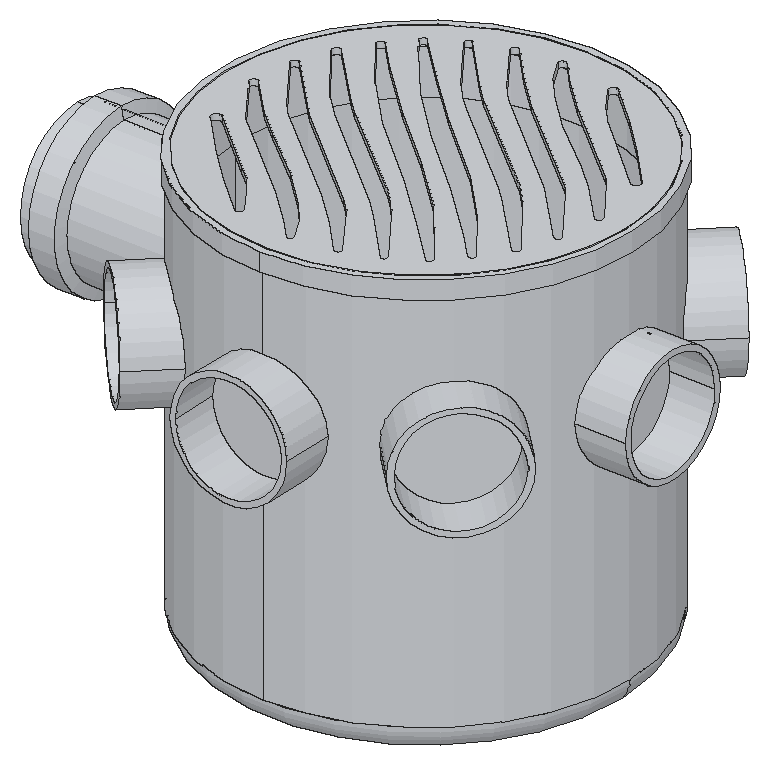
Revit family "Caixa Sifonada Montada_150x150x50_7 Entradas Completa - Caixas e Ralos - Esgoto - MEP - Tigre", category Plumbing Fixtures, host Face, Revit 2011 (continued)
Automatic sketch dimensions
  Extrusion 13 sketch curve to Extrusion 13 sketch curve = 7.333 mm
  Extrusion 13 sketch curve to plane 3 "Center (Left/Right)" = 29.395 mm
  Extrusion 13 sketch curve to Extrusion 13 sketch curve = 3.413 mm  (x2)
  Extrusion 13 sketch curve to Extrusion 13 sketch curve = 0.915 mm  (x2)
  Extrusion 13 sketch curve to Extrusion 13 sketch curve = 0.803 mm  (x2)
  Extrusion 13 sketch curve to Extrusion 13 sketch curve = 8.965 mm  (x2)
  Extrusion 13 sketch curve to plane 3 "Center (Left/Right)" = 4.827 mm
  Extrusion 13 sketch curve to Extrusion 13 sketch curve = 12.753 mm
  Extrusion 13 sketch curve to Extrusion 13 sketch curve = 5.455 mm  (x2)
  Extrusion 13 sketch curve to Extrusion 13 sketch curve = 1.362 mm
  Extrusion 13 sketch curve to Extrusion 13 sketch curve = 1.037 mm  (x3)
  Extrusion 13 sketch curve to Extrusion 13 sketch curve = 0.877 mm  (x2)
  Extrusion 13 sketch curve to Extrusion 13 sketch curve = 10.396 mm  (x2)
  Extrusion 13 sketch curve to Extrusion 13 sketch curve = 0.118 mm  (x2)
  plane 3 "Center (Left/Right)" to Extrusion 13 sketch curve = 19.158 mm
  Extrusion 13 sketch curve to Extrusion 13 sketch curve = 4.85 mm  (x2)
  Extrusion 13 sketch curve to Extrusion 13 sketch curve = 4.94 mm  (x2)
  Extrusion 13 sketch curve to plane 3 "Center (Left/Right)" = 4.934 mm
  Extrusion 13 sketch curve to Extrusion 13 sketch curve = 8.05 mm  (x2)
  Extrusion 13 sketch curve to Extrusion 13 sketch curve = 7.444 mm
  Extrusion 13 sketch curve to Extrusion 13 sketch curve = 9.352 mm  (x2)
  Extrusion 13 sketch curve to Extrusion 13 sketch curve = 1.045 mm  (x2)
  Extrusion 13 sketch curve to Extrusion 13 sketch curve = 3.518 mm
  Extrusion 13 sketch curve to Extrusion 13 sketch curve = 0.926 mm  (x2)
  plane 3 "Center (Left/Right)" to Extrusion 13 sketch curve = 7.638 mm
  Extrusion 13 sketch curve to Extrusion 13 sketch curve = 8.401 mm  (x2)
  Extrusion 13 sketch curve to Extrusion 13 sketch curve = 1.812 mm  (x2)
  plane 3 "Center (Left/Right)" to Extrusion 13 sketch curve = 2.108 mm
  Extrusion 13 sketch curve to Extrusion 13 sketch curve = 1.579 mm  (x2)
  Extrusion 13 sketch curve to Extrusion 13 sketch curve = 0.559 mm
  plane 3 "Center (Left/Right)" to Extrusion 13 sketch curve = 0.884 mm
  Extrusion 13 sketch curve to Extrusion 13 sketch curve = 0.882 mm  (x2)
  Extrusion 13 sketch curve to Extrusion 13 sketch curve = 7.255 mm
  Extrusion 13 sketch curve to Extrusion 13 sketch curve = 3.48 mm  (x2)
  Extrusion 13 sketch curve to Extrusion 13 sketch curve = 11.449 mm  (x2)
  Extrusion 13 sketch curve to Extrusion 13 sketch curve = 3.968 mm
  Extrusion 13 sketch curve to Extrusion 13 sketch curve = 12.006 mm
  Extrusion 13 sketch curve to Extrusion 13 sketch curve = 9.237 mm  (x2)
  Extrusion 13 sketch curve to Extrusion 13 sketch curve = 1.127 mm  (x2)
  Extrusion 13 sketch curve to Extrusion 13 sketch curve = 0.999 mm  (x2)
  Extrusion 13 sketch curve to Extrusion 13 sketch curve = 7.722 mm  (x2)
  Extrusion 13 sketch curve to Extrusion 13 sketch curve = 15.551 mm
  Extrusion 13 sketch curve to Extrusion 13 sketch curve = 1.283 mm  (x2)
  Extrusion 13 sketch curve to Extrusion 13 sketch curve = 10.99 mm  (x2)
  Extrusion 13 sketch curve to Extrusion 13 sketch curve = 1.286 mm  (x2)
  Extrusion 13 sketch curve to Extrusion 13 sketch curve = 1.308 mm
  Extrusion 13 sketch curve to Extrusion 13 sketch curve = 1.547 mm
  Extrusion 13 sketch curve to plane 3 "Center (Left/Right)" = 6.526 mm
  Extrusion 13 sketch curve to Extrusion 13 sketch curve = 7.432 mm  (x2)
  Extrusion 13 sketch curve to Extrusion 13 sketch curve = 1.928 mm  (x2)
  Extrusion 13 sketch curve to Extrusion 13 sketch curve = 11.395 mm  (x2)
  Extrusion 13 sketch curve to Extrusion 13 sketch curve = 0.996 mm  (x2)
  Extrusion 13 sketch curve to Extrusion 13 sketch curve = 0.858 mm  (x2)
  Extrusion 13 sketch curve to plane 1 "Center (Front/Back)" = 13.733 mm
  Extrusion 13 sketch curve to Extrusion 13 sketch curve = 5.978 mm  (x2)
  Extrusion 13 sketch curve to Extrusion 13 sketch curve = 0.902 mm  (x2)
  Extrusion 13 sketch curve to Extrusion 13 sketch curve = 2.864 mm  (x2)
  Extrusion 13 sketch curve to Extrusion 13 sketch curve = 1.956 mm
  Extrusion 13 sketch curve to Extrusion 13 sketch curve = 2.759 mm  (x2)
  Extrusion 13 sketch curve to Extrusion 13 sketch curve = 0.924 mm  (x2)
  Extrusion 13 sketch curve to Extrusion 13 sketch curve = 1.469 mm
  Extrusion 13 sketch curve to plane 3 "Center (Left/Right)" = 3.729 mm
  Extrusion 13 sketch curve to plane 1 "Center (Front/Back)" = 6.854 mm
  Extrusion 13 sketch curve to Extrusion 13 sketch curve = 3.653 mm  (x2)
  Extrusion 13 sketch curve to Extrusion 13 sketch curve = 3.184 mm  (x2)
  Extrusion 13 sketch curve to plane 1 "Center (Front/Back)" = 4.80 mm
  Extrusion 13 sketch curve to plane 1 "Center (Front/Back)" = 4.433 mm
  Extrusion 13 sketch curve to Extrusion 13 sketch curve = 1.454 mm  (x2)
  Extrusion 13 sketch curve to plane 1 "Center (Front/Back)" = 1.362 mm
  Extrusion 13 sketch curve to plane 1 "Center (Front/Back)" = 0.718 mm
  Extrusion 13 sketch curve to plane 1 "Center (Front/Back)" = 0.278 mm
  Extrusion 13 sketch curve to plane 1 "Center (Front/Back)" = 0.139 mm
  plane 1 "Center (Front/Back)" to Extrusion 13 sketch curve = 0.013 mm
  plane 1 "Center (Front/Back)" to Extrusion 13 sketch curve = 0.076 mm
  plane 1 "Center (Front/Back)" to Extrusion 13 sketch curve = 0.216 mm
  plane 1 "Center (Front/Back)" to Extrusion 13 sketch curve = 0.656 mm
  plane 1 "Center (Front/Back)" to Extrusion 13 sketch curve = 1.30 mm
  plane 1 "Center (Front/Back)" to Extrusion 13 sketch curve = 3.283 mm
  plane 1 "Center (Front/Back)" to Extrusion 13 sketch curve = 4.37 mm
  plane 1 "Center (Front/Back)" to Extrusion 13 sketch curve = 4.742 mm
  plane 1 "Center (Front/Back)" to Extrusion 13 sketch curve = 5.05 mm
  plane 1 "Center (Front/Back)" to Extrusion 13 sketch curve = 6.792 mm
  plane 1 "Center (Front/Back)" to Extrusion 13 sketch curve = 7.381 mm
  Extrusion 13 sketch curve to Extrusion 13 sketch curve = 2.88 mm
  Extrusion 13 sketch curve to Extrusion 13 sketch curve = 14.554 mm
  plane 3 "Center (Left/Right)" to Extrusion 13 sketch curve = 6.817 mm
  Extrusion 13 sketch curve to Extrusion 13 sketch curve = 12.25 mm
  Extrusion 13 sketch curve to Extrusion 13 sketch curve = 9.048 mm
  Extrusion 13 sketch curve to Extrusion 13 sketch curve = 3.475 mm
  Extrusion 13 sketch curve to Extrusion 13 sketch curve = 13.095 mm
  plane 3 "Center (Left/Right)" to Extrusion 13 sketch curve = 5.814 mm
  Extrusion 13 sketch curve to Extrusion 13 sketch curve = 15.655 mm
  Extrusion 13 sketch curve to Extrusion 13 sketch curve = 2.887 mm
  plane 3 "Center (Left/Right)" to Extrusion 13 sketch curve = 26.809 mm
  Extrusion 13 sketch curve to Extrusion 13 sketch curve = 0.603 mm
  Extrusion 13 sketch curve to plane 3 "Center (Left/Right)" = 0.594 mm
  Extrusion 13 sketch curve to Extrusion 13 sketch curve = 3.645 mm
  Extrusion 13 sketch curve to Extrusion 13 sketch curve = 0.323 mm
  Extrusion 13 sketch curve to Extrusion 13 sketch curve = 19.667 mm
  plane 3 "Center (Left/Right)" to Extrusion 13 sketch curve = 12.523 mm
  plane 3 "Center (Left/Right)" to Extrusion 13 sketch curve = 5.224 mm
  Extrusion 13 sketch curve to Extrusion 13 sketch curve = 5.916 mm
  Extrusion 13 sketch curve to Extrusion 13 sketch curve = 2.504 mm
  plane 3 "Center (Left/Right)" to Extrusion 13 sketch curve = 5.117 mm
  Extrusion 13 sketch curve to plane 3 "Center (Left/Right)" = 25.525 mm
  plane 3 "Center (Left/Right)" to Extrusion 13 sketch curve = 29.685 mm
  Extrusion 13 sketch curve to plane 3 "Center (Left/Right)" = 6.641 mm
  Extrusion 13 sketch curve to plane 3 "Center (Left/Right)" = 19.248 mm
  plane 3 "Center (Left/Right)" to Extrusion 13 sketch curve = 16.347 mm
  Extrusion 13 sketch curve to Extrusion 13 sketch curve = 24.783 mm
  plane 3 "Center (Left/Right)" to Extrusion 13 sketch curve = 2.582 mm
  Extrusion 13 sketch curve to Extrusion 13 sketch curve = 5.667 mm
  plane 3 "Center (Left/Right)" to Extrusion 13 sketch curve = 1.271 mm
  plane 3 "Center (Left/Right)" to Extrusion 13 sketch curve = 0.197 mm
  Extrusion 13 sketch curve to Extrusion 13 sketch curve = 37.443 mm
  Extrusion 13 sketch curve to Extrusion 13 sketch curve = 29.727 mm
  Extrusion 13 sketch curve to Extrusion 13 sketch curve = 0.946 mm
  Extrusion 13 sketch curve to Extrusion 13 sketch curve = 48.468 mm
  Extrusion 13 sketch curve to Extrusion 13 sketch curve = 9.791 mm
  Extrusion 13 sketch curve to Extrusion 13 sketch curve = 15.627 mm
  Extrusion 13 sketch curve to Extrusion 13 sketch curve = 1.25 mm
  Extrusion 13 sketch curve to Extrusion 13 sketch curve = 7.067 mm
  Extrusion 13 sketch curve to Extrusion 13 sketch curve = 0.002 mm  (x2)
  Extrusion 13 sketch curve to Extrusion 13 sketch curve = 1.149 mm
  Extrusion 13 sketch curve to Extrusion 13 sketch curve = 4.965 mm
  Extrusion 13 sketch curve to Extrusion 13 sketch curve = 11.105 mm
  Extrusion 13 sketch curve to Extrusion 13 sketch curve = 2.854 mm  (x2)
  Extrusion 13 sketch curve to Extrusion 13 sketch curve = 1.278 mm
  Extrusion 13 sketch curve to Extrusion 13 sketch curve = 2.419 mm
  Extrusion 13 sketch curve to Extrusion 13 sketch curve = 1.822 mm
  Extrusion 13 sketch curve to Extrusion 13 sketch curve = 5.301 mm  (x2)
  Extrusion 13 sketch curve to Extrusion 13 sketch curve = 1.186 mm
  Extrusion 13 sketch curve to Extrusion 13 sketch curve = 2.401 mm
  Extrusion 13 sketch curve to Extrusion 13 sketch curve = 13.558 mm
  Extrusion 13 sketch curve to Extrusion 13 sketch curve = 11.222 mm
  Extrusion 13 sketch curve to Extrusion 13 sketch curve = 0.941 mm  (x2)
  Extrusion 13 sketch curve to Extrusion 13 sketch curve = 6.227 mm  (x2)
  Extrusion 13 sketch curve to Extrusion 13 sketch curve = 11.11 mm
  Extrusion 13 sketch curve to Extrusion 13 sketch curve = 1.175 mm
  Extrusion 13 sketch curve to Extrusion 13 sketch curve = 3.402 mm
  Extrusion 13 sketch curve to Extrusion 13 sketch curve = 1.56 mm
  Extrusion 13 sketch curve to Extrusion 13 sketch curve = 9.176 mm
  Extrusion 13 sketch curve to Extrusion 13 sketch curve = 3.689 mm
  Extrusion 13 sketch curve to Extrusion 13 sketch curve = 3.026 mm
  Extrusion 13 sketch curve to Extrusion 13 sketch curve = 0.34 mm  (x2)
  Extrusion 13 sketch curve to Extrusion 13 sketch curve = 4.027 mm
  Extrusion 13 sketch curve to Extrusion 13 sketch curve = 5.196 mm  (x2)
  Extrusion 13 sketch curve to Extrusion 13 sketch curve = 13.693 mm
  Extrusion 13 sketch curve to Extrusion 13 sketch curve = 2.056 mm
  Extrusion 13 sketch curve to Extrusion 13 sketch curve = 0.378 mm  (x2)
  Extrusion 13 sketch curve to Extrusion 13 sketch curve = 13.372 mm
  Extrusion 13 sketch curve to Extrusion 13 sketch curve = 1.499 mm
  Extrusion 13 sketch curve to Extrusion 13 sketch curve = 6.761 mm
  Extrusion 13 sketch curve to Extrusion 13 sketch curve = 7.358 mm  (x2)
  Extrusion 13 sketch curve to Extrusion 13 sketch curve = 1.142 mm
  Extrusion 13 sketch curve to Extrusion 13 sketch curve = 10.13 mm
  Extrusion 13 sketch curve to Extrusion 13 sketch curve = 4.157 mm
  Extrusion 13 sketch curve to plane 3 "Center (Left/Right)" = 6.365 mm
  Extrusion 13 sketch curve to Extrusion 13 sketch curve = 2.817 mm
  Extrusion 13 sketch curve to Extrusion 13 sketch curve = 2.815 mm
  Extrusion 13 sketch curve to plane 3 "Center (Left/Right)" = 2.292 mm
  Extrusion 13 sketch curve to plane 3 "Center (Left/Right)" = 0.013 mm
  plane 3 "Center (Left/Right)" to Extrusion 13 sketch curve = 2.999 mm
  plane 3 "Center (Left/Right)" to Extrusion 13 sketch curve = 4.02 mm
  plane 3 "Center (Left/Right)" to Extrusion 13 sketch curve = 6.655 mm
  Extrusion 13 sketch curve to Extrusion 13 sketch curve = 1.032 mm
  Extrusion 13 sketch curve to Extrusion 13 sketch curve = 13.064 mm
  Extrusion 13 sketch curve to Extrusion 13 sketch curve = 0.597 mm
  Extrusion 13 sketch curve to Extrusion 13 sketch curve = 1.302 mm
  Extrusion 13 sketch curve to Extrusion 13 sketch curve = 6.658 mm
  Extrusion 13 sketch curve to Extrusion 13 sketch curve = 0.981 mm
  Extrusion 13 sketch curve to Extrusion 13 sketch curve = 3.672 mm
  Extrusion 13 sketch curve to Extrusion 13 sketch curve = 4.227 mm
  Extrusion 13 sketch curve to Extrusion 13 sketch curve = 1.477 mm
  Extrusion 13 sketch curve to Extrusion 13 sketch curve = 6.794 mm
  Extrusion 13 sketch curve to Extrusion 13 sketch curve = 1.082 mm
  Extrusion 13 sketch curve to Extrusion 13 sketch curve = 7.759 mm
  Extrusion 13 sketch curve to Extrusion 13 sketch curve = 1.167 mm
  Extrusion 13 sketch curve to Extrusion 13 sketch curve = 1.031 mm
  Extrusion 13 sketch curve to Extrusion 13 sketch curve = 1.122 mm
  plane 3 "Center (Left/Right)" to Sweep 14 sketch curve = 0.107 mm
  Sweep 14 sketch curve to Sweep 14 sketch curve = 0.00 mm  (x2)
  plane 1 "Center (Front/Back)" to Sweep 14 sketch curve = 0.00 mm
  profile plane to Sweep 14 sketch curve = 0.107 mm
  Revolve 15 sketch curve to plane 3 "Center (Left/Right)" = 0.00 mm
  Revolve 15 sketch curve to plane 7 = 0.00 mm
  Revolve 15 sketch curve to plane 3 "Center (Left/Right)" = 71.00 mm
  Revolve 15 sketch curve to Revolve 15 sketch curve = 2.70 mm
  Revolve 15 sketch curve to Revolve 15 sketch curve = 2.10 mm
  plane 7 to Revolve 15 sketch curve = 15.00 mm
  Extrusion 16 sketch curve to plane 1 "Center (Front/Back)" = 77.75 mm
  Extrusion 16 sketch curve to Extrusion 16 sketch curve = 2.35 mm  (x4)
  plane 1 "Center (Front/Back)" to Extrusion 16 sketch curve = 75.40 mm
  Extrusion 16 sketch curve to plane 3 "Center (Left/Right)" = 77.75 mm
  plane 3 "Center (Left/Right)" to Extrusion 16 sketch curve = 75.40 mm
  plane 1 "Center (Front/Back)" to Extrusion 17 sketch curve = 0.00 mm
  Extrusion 17 sketch curve to plane 3 "Center (Left/Right)" = 0.00 mm
  Extrusion 17 sketch curve to plane 1 "Center (Front/Back)" = 75.40 mm
  plane 1 "Center (Front/Back)" to Extrusion 17 sketch curve = 75.40 mm
  Extrusion 17 sketch curve to plane 3 "Center (Left/Right)" = 75.40 mm
  plane 3 "Center (Left/Right)" to Extrusion 17 sketch curve = 75.40 mm
  plane 1 "Center (Front/Back)" to Sweep 18 sketch curve = 0.00 mm
  Sweep 18 sketch curve to plane 3 "Center (Left/Right)" = 131.50 mm
  Sweep 18 sketch curve to Sweep 18 sketch curve = 40.00 mm
  plane 6 to Sweep 18 sketch curve = 0.00 mm
  Sweep 18 sketch curve to profile plane = 0.00 mm
  plane 1 "Center (Front/Back)" to Sweep 19 sketch curve = 0.00 mm
  plane 3 "Center (Left/Right)" to Sweep 19 sketch curve = 75.80 mm
  Sweep 19 sketch curve to Sweep 19 sketch curve = 17.338 mm
  plane 6 to Sweep 19 sketch curve = 0.00 mm
  Sweep 19 sketch curve to profile plane = 0.00 mm
  Sweep 20 sketch curve to plane 1 "Center (Front/Back)" = 53.599 mm
  plane 3 "Center (Left/Right)" to Sweep 20 sketch curve = 53.599 mm
  Sweep 20 sketch curve to Sweep 20 sketch curve = 17.338 mm
  plane 6 to Sweep 20 sketch curve = 0.00 mm
  Sweep 20 sketch curve to profile plane = 0.00 mm
  Sweep 21 sketch curve to plane 3 "Center (Left/Right)" = 0.00 mm
  Sweep 21 sketch curve to plane 1 "Center (Front/Back)" = 75.80 mm
  Sweep 21 sketch curve to Sweep 21 sketch curve = 17.338 mm
  Sweep 21 sketch curve to plane 6 = 0.00 mm
  profile plane to Sweep 21 sketch curve = 0.00 mm
  Sweep 22 sketch curve to plane 1 "Center (Front/Back)" = 53.599 mm
  Sweep 22 sketch curve to plane 3 "Center (Left/Right)" = 53.599 mm
  Sweep 22 sketch curve to Sweep 22 sketch curve = 17.338 mm
  plane 6 to Sweep 22 sketch curve = 0.00 mm
  Sweep 22 sketch curve to profile plane = 0.00 mm
  plane 1 "Center (Front/Back)" to Sweep 23 sketch curve = 53.599 mm
  plane 3 "Center (Left/Right)" to Sweep 23 sketch curve = 53.599 mm
  Sweep 23 sketch curve to Sweep 23 sketch curve = 17.338 mm
  Sweep 23 sketch curve to plane 6 = 0.00 mm
  Sweep 23 sketch curve to profile plane = 0.00 mm
  Sweep 24 sketch curve to plane 3 "Center (Left/Right)" = 0.00 mm
  plane 1 "Center (Front/Back)" to Sweep 24 sketch curve = 75.80 mm
  Sweep 24 sketch curve to Sweep 24 sketch curve = 17.338 mm
  Sweep 24 sketch curve to plane 6 = 0.00 mm
  Sweep 24 sketch curve to profile plane = 0.00 mm
  plane 1 "Center (Front/Back)" to Sweep 25 sketch curve = 53.599 mm
  Sweep 25 sketch curve to plane 3 "Center (Left/Right)" = 53.599 mm
  Sweep 25 sketch curve to Sweep 25 sketch curve = 17.338 mm
  Sweep 25 sketch curve to plane 6 = 0.00 mm
  Sweep 25 sketch curve to profile plane = 0.00 mm
  curve 17 to curve 4 = 16.042 mm
  curve 13 to curve 5 = 6.645 mm
  radius of Sweep 11 sketch curve = 72.30 mm
  radius of Extrusion 13 sketch curve = 75.65 mm
  radius of Sweep 14 sketch curve = 78.25 mm
  radius of Sweep 14 sketch curve = 75.80 mm
  radius of Extrusion 17 sketch curve = 71.00 mm
Nested families
  nested 1: "Prolongamento para Caixa Sifonada - Caixas e Ralos - Esgoto - MEP - Tigre" at (0, 0, -7), Comprimento do Tubo <- "Comprimento do Tubo", visible <- "Prolongador", Acabamento <- "Prolongador.", Tigre: Comentários <- "Tigre: Comentários", Tigre: Marcador <- "Tigre: Marcador", type "150 x 150 mm"
    with Tigre: Marcador "00", Tigre: Código com Separador "27.30.748.5", Tigre: Código 27307485, Tigre: Comentários "", Comprimento do Tubo 1.00 mm, Acabamento none
Connectors
  piping at (-91.5, 0, -57), driven by "Raio Nominal 1"
    settings: on cut or joined group of Sweep 1, Revolve 2, Sweep 3, Sweep 4, Sweep 5, SweptBlend 6, Sweep 7, SweptBlend 8, Sweep 9, Sweep 10, Sweep 11, Sweep 18, Sweep 19, Sweep 20, Sweep 21, Sweep 22, Sweep 23, Sweep 24, Sweep 25, index 1, connector radius 25.00 mm, flow factor 0, pipe flow 0 GPM, pressure drop 0.00 psi, fitting loss kfactor 0, connector angle 0.00°, fixture units 0, engagement length 0.00 mm, flow configuration 0, flow direction 2, fitting loss method 0, system type 16, joint type 0, gender type 0, connector reference index 2, connector utility 1, adjustable connector yes, is connector primary yes, fitting loss table "", connector description ""
  piping at (75.8, 0, -57), driven by "Raio Nominal 2"
    settings: on cut or joined group of Sweep 1, Revolve 2, Sweep 3, Sweep 4, Sweep 5, SweptBlend 6, Sweep 7, SweptBlend 8, Sweep 9, Sweep 10, Sweep 11, Sweep 18, Sweep 19, Sweep 20, Sweep 21, Sweep 22, Sweep 23, Sweep 24, Sweep 25, index 2, connector radius 20.00 mm, flow factor 0, pipe flow 0 GPM, pressure drop 0.00 psi, fitting loss kfactor 0, connector angle 0.00°, fixture units 0, engagement length 0.00 mm, flow configuration 0, flow direction 1, fitting loss method 0, system type 16, joint type 0, gender type 0, connector reference index 1, connector utility 1, adjustable connector yes, is connector primary no, fitting loss table "", connector description ""
  piping at (0, -75.8, -57), driven by "Raio Nominal 2"
    settings: on cut or joined group of Sweep 1, Revolve 2, Sweep 3, Sweep 4, Sweep 5, SweptBlend 6, Sweep 7, SweptBlend 8, Sweep 9, Sweep 10, Sweep 11, Sweep 18, Sweep 19, Sweep 20, Sweep 21, Sweep 22, Sweep 23, Sweep 24, Sweep 25, index 3, connector radius 20.00 mm, flow factor 0, pipe flow 0 GPM, pressure drop 0.00 psi, fitting loss kfactor 0, connector angle 0.00°, fixture units 0, engagement length 0.00 mm, flow configuration 0, flow direction 1, fitting loss method 0, system type 16, joint type 0, gender type 0, connector reference index 4, connector utility 1, adjustable connector yes, is connector primary no, fitting loss table "", connector description ""
  piping at (0, 75.8, -57), driven by "Raio Nominal 2"
    settings: on cut or joined group of Sweep 1, Revolve 2, Sweep 3, Sweep 4, Sweep 5, SweptBlend 6, Sweep 7, SweptBlend 8, Sweep 9, Sweep 10, Sweep 11, Sweep 18, Sweep 19, Sweep 20, Sweep 21, Sweep 22, Sweep 23, Sweep 24, Sweep 25, index 4, connector radius 20.00 mm, flow factor 0, pipe flow 0 GPM, pressure drop 0.00 psi, fitting loss kfactor 0, connector angle 0.00°, fixture units 0, engagement length 0.00 mm, flow configuration 0, flow direction 1, fitting loss method 0, system type 16, joint type 0, gender type 0, connector reference index 3, connector utility 1, adjustable connector yes, is connector primary no, fitting loss table "", connector description ""
  piping at (-53.599, -53.599, -57), driven by "Raio Nominal 2"
    settings: on cut or joined group of Sweep 1, Revolve 2, Sweep 3, Sweep 4, Sweep 5, SweptBlend 6, Sweep 7, SweptBlend 8, Sweep 9, Sweep 10, Sweep 11, Sweep 18, Sweep 19, Sweep 20, Sweep 21, Sweep 22, Sweep 23, Sweep 24, Sweep 25, index 5, connector radius 20.00 mm, flow factor 0, pipe flow 0 GPM, pressure drop 0.00 psi, fitting loss kfactor 0, connector angle 0.00°, fixture units 0, engagement length 0.00 mm, flow configuration 0, flow direction 1, fitting loss method 0, system type 16, joint type 0, gender type 0, connector reference index 6, connector utility 1, adjustable connector yes, is connector primary no, fitting loss table "", connector description ""
  piping at (53.599, 53.599, -57), driven by "Raio Nominal 2"
    settings: on cut or joined group of Sweep 1, Revolve 2, Sweep 3, Sweep 4, Sweep 5, SweptBlend 6, Sweep 7, SweptBlend 8, Sweep 9, Sweep 10, Sweep 11, Sweep 18, Sweep 19, Sweep 20, Sweep 21, Sweep 22, Sweep 23, Sweep 24, Sweep 25, index 6, connector radius 20.00 mm, flow factor 0, pipe flow 0 GPM, pressure drop 0.00 psi, fitting loss kfactor 0, connector angle 0.00°, fixture units 0, engagement length 0.00 mm, flow configuration 0, flow direction 1, fitting loss method 0, system type 16, joint type 0, gender type 0, connector reference index 5, connector utility 1, adjustable connector yes, is connector primary no, fitting loss table "", connector description ""
  piping at (53.599, -53.599, -57), driven by "Raio Nominal 2"
    settings: on cut or joined group of Sweep 1, Revolve 2, Sweep 3, Sweep 4, Sweep 5, SweptBlend 6, Sweep 7, SweptBlend 8, Sweep 9, Sweep 10, Sweep 11, Sweep 18, Sweep 19, Sweep 20, Sweep 21, Sweep 22, Sweep 23, Sweep 24, Sweep 25, index 7, connector radius 20.00 mm, flow factor 0, pipe flow 0 GPM, pressure drop 0.00 psi, fitting loss kfactor 0, connector angle 0.00°, fixture units 0, engagement length 0.00 mm, flow configuration 0, flow direction 1, fitting loss method 0, system type 16, joint type 0, gender type 0, connector reference index 8, connector utility 1, adjustable connector yes, is connector primary no, fitting loss table "", connector description ""
  piping at (-53.599, 53.599, -57), driven by "Raio Nominal 2"
    settings: on cut or joined group of Sweep 1, Revolve 2, Sweep 3, Sweep 4, Sweep 5, SweptBlend 6, Sweep 7, SweptBlend 8, Sweep 9, Sweep 10, Sweep 11, Sweep 18, Sweep 19, Sweep 20, Sweep 21, Sweep 22, Sweep 23, Sweep 24, Sweep 25, index 8, connector radius 20.00 mm, flow factor 0, pipe flow 0 GPM, pressure drop 0.00 psi, fitting loss kfactor 0, connector angle 0.00°, fixture units 0, engagement length 0.00 mm, flow configuration 0, flow direction 1, fitting loss method 0, system type 16, joint type 0, gender type 0, connector reference index 7, connector utility 1, adjustable connector yes, is connector primary no, fitting loss table "", connector description ""
Definition of nested family "Prolongamento para Caixa Sifonada - Caixas e Ralos - Esgoto - MEP - Tigre"
  Parameters (values of type "100 x 100 mm")
    Unifilar = Diâmetro Nominal * 0.4  # 40.00 mm
    URL = "http://www.tigre.com.br"
    Type Comments = ""
    Tigre: Sistema = "Esgoto"  # constant formula
    Tigre: Norma = ""
    Tigre: Material = "PVC Branco"  # constant formula
    Tigre: Marcador [instance] = "00"
    Tigre: Link do Produto = "http://www.tigre.com.br/pt/produtos_unico.php?rcr_id=4&cpr_id=10&cpr_id_pai=4&lnh_id=11&prd_id=150"
    Tigre: Linha = "Caixas e Ralos"  # constant formula
    Tigre: Fabricante = "© Tigre S/A"  # constant formula
    Tigre: Descrição = "Prolongamento p/ Caixa Sifonada 100 x 100mm, Esgoto - TIGRE"
    Tigre: Código com Separador [instance] = "27.30.748.5"
    Tigre: Código [instance] = 27307485
    Tigre: Comentários [instance] = ""
    Raio Nominal = 50.00 mm
    Raio Externo = 48.40 mm
    Raio Interno = 0.98 * Raio Externo  # 47.432 mm
    Model = ""
    Manufacturer = Tigre: Fabricante  # "© Tigre S/A"
    Diâmetro Nominal = Raio Nominal * 2  # 100.00 mm
    Description = Tigre: Descrição  # "Prolongamento p/ Caixa Sifonada 100 x 100mm, Esgoto - TIGRE"
    Default Elevation = 0.00 mm
    Comprimento do Tubo [instance] = 100.00 mm
    Acabamento [instance] = none
  Types (7, lengths in mm): name | Unifilar | Tigre: Descrição | Tigre: Código com Separador | Tigre: Código | Raio Nominal | Raio Externo | Raio Interno | Diâmetro Nominal | Description | Comprimento do Tubo
    (no name) | 40.00 | "Prolongamento p/ Caixa Sifonada 100 x 100mm, Esgoto - TIGRE" | "27.30.748.5" | 27307485 | 50.00 | 48.40 | 47.432 | 100.00 | "Prolongamento p/ Caixa Sifonada 100 x 100mm, Esgoto - TIGRE" | 100.00
    100 x 100 mm | 40.00 | "Prolongamento p/ Caixa Sifonada 100 x 100mm, Esgoto - TIGRE" | "27.30.748.5" | 27307485 | 50.00 | 48.40 | 47.432 | 100.00 | "Prolongamento p/ Caixa Sifonada 100 x 100mm, Esgoto - TIGRE" | 100.00
    100 x 150 mm | 40.00 | "Prolongamento p/ Caixa Sifonada 100 x 150mm, Esgoto - TIGRE" | "27.30.749.3" | 27307493 | 50.00 | 48.40 | 47.432 | 100.00 | "Prolongamento p/ Caixa Sifonada 100 x 150mm, Esgoto - TIGRE" | 150.00
    100 x 200 mm | 40.00 | "Prolongamento p/ Caixa Sifonada 100 x 200mm, Esgoto - TIGRE" | "27.30.750.7" | 27307507 | 50.00 | 48.40 | 47.432 | 100.00 | "Prolongamento p/ Caixa Sifonada 100 x 200mm, Esgoto - TIGRE" | 200.00
    150 x 150 mm | 60.00 | "Prolongamento p/ Caixa Sifonada 150 x 150mm, Esgoto - TIGRE" | "27.30.815.5" | 27308155 | 75.00 | 74.00 | 72.52 | 150.00 | "Prolongamento p/ Caixa Sifonada 150 x 150mm, Esgoto - TIGRE" | 150.00
    150 x 200 mm | 60.00 | "Prolongamento p/ Caixa Sifonada 150 x 200mm, Esgoto - TIGRE" | "27.30.820.1" | 27308201 | 75.00 | 74.00 | 72.52 | 150.00 | "Prolongamento p/ Caixa Sifonada 150 x 200mm, Esgoto - TIGRE" | 200.00
    250 x 200 mm | 100.00 | "Prolongamento p/ Caixa Sifonada 250 x 200mm, Esgoto - TIGRE" | "27.30.900.3" | 27309003 | 125.00 | 123.50 | 121.03 | 250.00 | "Prolongamento p/ Caixa Sifonada 250 x 200mm, Esgoto - TIGRE" | 200.00
  Reference planes
    plane 1 "Center (Front/Back)": y = 0
    plane 2: z = 0
    plane 3 "Center (Left/Right)": x = 0
    plane 4: z = -100
    plane 5: z = 0
  Forms (mm)
    Sweep 1, solid, material <- "Acabamento", detail levels fine
      path origin (0, 0, 0) x (0, 0, -1) y (0, 1, 0)
        loop
          line (0, 0) -> (100, 0)
      profile origin (0, 0, -50) x (1, 0, 0) y (0, 1, 0)
        loop
          circle (0, 0) r 47.432
        loop
          circle (0, 0) r 48.4
  Dimensions and locks
    "Comprimento do Tubo": plane 5 to plane 4
    "Raio Externo": radius of Sweep 1 sketch curve
    "Raio Interno": radius of Sweep 1 sketch curve
    aligned and locked: plane 1 "Center (Front/Back)" to Sweep 1 sketch curve
    aligned and locked: level to Sweep 1 sketch curve
    aligned and locked: plane 4 to Sweep 1 sketch curve
  Automatic sketch dimensions
    Sweep 1 sketch curve to Sweep 1 sketch curve = 0.00 mm  (x2)
    Sweep 1 sketch curve to profile plane = 0.00 mm  (x2)
Types (6, lengths in mm): name | Tigre: Material | Tigre: Link do Produto | Tigre: Descrição | Tigre: Código com Separador | Tigre: Código | Porta Grelha Redonda | Porta Grelha Quadrada | Grelha Redonda | Grelha Quadrada | Description
  (no name) | "Branco" | "http://www.tigre.com.br/pt/produtos_unico.php?rcr_id=4&cpr_id=10&cpr_id_pai=4&lnh_id=11&prd_id=125" | "Caixa Sifonada Montada c/ Grelha e Porta Grelha, redondos brancos, (com 7 entradas) 150 x 150 x 50mm, Esgoto - TIGRE" | "27.06.853.7" | 27068537 | yes | no | yes | no | "Caixa Sifonada Montada c/ Grelha e Porta Grelha, redondos brancos, (com 7 entradas) 150 x 150 x 50mm, Esgoto - TIGRE"
  Grelha e porta grelha quadrados brancos - DN 150 x 150 x 50 | "Branco" | "http://www.tigre.com.br/pt/produtos_unico.php?rcr_id=4&cpr_id=10&cpr_id_pai=4&lnh_id=11&prd_id=125" | "Caixa Sifonada Montada c/ Grelha e Porta Grelha, quadrados brancos, (com 7 entradas) 150 x 150 x 50mm, Esgoto - TIGRE" | "27.06.850.2" | 27068502 | no | yes | no | yes | "Caixa Sifonada Montada c/ Grelha e Porta Grelha, quadrados brancos, (com 7 entradas) 150 x 150 x 50mm, Esgoto - TIGRE"
  Grelha e porta grelha redondos brancos - DN 150 x 150 x 50 | "Branco" | "http://www.tigre.com.br/pt/produtos_unico.php?rcr_id=4&cpr_id=10&cpr_id_pai=4&lnh_id=11&prd_id=125" | "Caixa Sifonada Montada c/ Grelha e Porta Grelha, redondos brancos, (com 7 entradas) 150 x 150 x 50mm, Esgoto - TIGRE" | "27.06.853.7" | 27068537 | yes | no | yes | no | "Caixa Sifonada Montada c/ Grelha e Porta Grelha, redondos brancos, (com 7 entradas) 150 x 150 x 50mm, Esgoto - TIGRE"
  Porta grelha prata e grelha alumínio quadrados - DN 150 x 150 x 50 | "Prata/Aluminio" | "http://www.tigre.com.br/pt/produtos_unico.php?rcr_id=4&cpr_id=10&cpr_id_pai=4&lnh_id=11&prd_id=125" | "Caixa Sifonada Montada c/ Grelha e Porta Grelha, alumínio quadrados, (com 7 entradas) 150 x 150 x 50mm, Esgoto - TIGRE" | "27.06.870.7" | 27068707 | no | yes | no | yes | "Caixa Sifonada Montada c/ Grelha e Porta Grelha, alumínio quadrados, (com 7 entradas) 150 x 150 x 50mm, Esgoto - TIGRE"
  Porta-grelha prata e grelha alumínio redondos - DN 150 x 150 x 50 | "Prata/Aluminio" | "http://www.tigre.com.br/pt/produtos_unico.php?rcr_id=4&cpr_id=10&cpr_id_pai=4&lnh_id=11&prd_id=125" | "Caixa Sifonada Montada c/ Grelha e Porta Grelha, alumínio redondos, (com 7 entradas) 150 x 150 x 50mm, Esgoto - TIGRE" | "27.06.868.5" | 27068685 | yes | no | yes | no | "Caixa Sifonada Montada c/ Grelha e Porta Grelha, alumínio redondos, (com 7 entradas) 150 x 150 x 50mm, Esgoto - TIGRE"
  Corpo - 150 x 150 x 50 - Série R (com 7 entradas) | "Branco" | "http://www.tigre.com.br/pt/produtos_unico.php?rcr_id=4&cpr_id=10&cpr_id_pai=4&lnh_id=11&prd_id=132" | "Corpo Caixa Sifonada Série R (com 7 entradas) 150 x 150 x 50mm, Esgoto - TIGRE" | "27.14.122.6" | 27141226 | no | no | no | no | "Corpo Caixa Sifonada Série R (com 7 entradas) 150 x 150 x 50mm, Esgoto - TIGRE"
